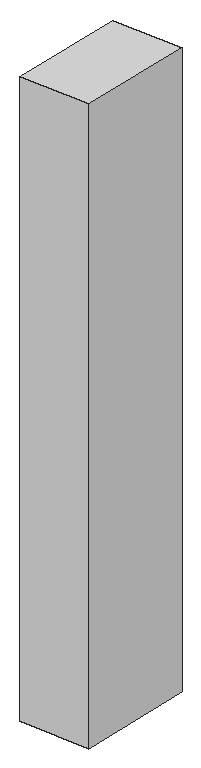
Revit family "Pilar_Con_Retang", category Structural Columns, Revit 2020
Family settings
  Display in Hidden Views = Edges Hidden by Other Members
  Section Shape = Not Defined
  Material for Model Behavior = Concrete
  Always export as geometry = No
  Beam cutback in plan = From bounding box
  OmniClass Number = 23.25.30.11.14.11
  OmniClass Title = Columns
  Cut with Voids When Loaded = No
  Symbolic Representation = From Family
  Shared = No
  Show family pre-cut in plan views = Yes
Parameters (values of type "PIL_030x050_ESC_CON_RET")
  b = 300 mm
  h = 500 mm
  Structural Material [instance] = CT_Asfaltos
Types (20, lengths in mm): name | b | h
  PIL_030x050_ESC_CON_RET | 300 | 500
  PIL_025x030_AUD_CON_RET | 250 | 300
  PIL_020x030_ESC_CON_RET | 200 | 300
  PIL_020x050_ESC_CON_RET | 200 | 500
  PIL_020x040_FUN_CON_RET | 200 | 400
  PIL_040x040_FUN_CON_RET | 400 | 400
  PIL_015x015_BLC_CON_RET | 150 | 150
  PIL_025x030_BLC_CON_RET | 250 | 300
  PIL_030x050_COI_CON_RET | 300 | 500
  PIL_095x095_BLC_CON_RET | 950 | 950
  PIL_030x070_BLC_CON_RET | 300 | 700
  PIL_030x100_BLC_CON_RET | 300 | 1000
  PIL_025x085_BLC_CON_RET | 250 | 850
  PIL_030x170_BLC_CON_RET | 300 | 1700
  PIL_020x071_NUC_CON_RET | 200 | 710
  PIL_025x092_NUC_CON_RET | 250 | 920
  PIL_060x140_BLC_CON_RET | 600 | 1400
  PIL_015x035_BRI_CON_RET | 350 | 150
  PIL_050x050_BLC_CON_RET | 500 | 500
  PIL_015x150_BRI_CON_RET | 1500 | 150
Reference planes
  plane 1 "Center (Front/Back)": y = 0
  plane 2: z = 0
  plane 3 "Center (Left/Right)": x = 0
  plane 4: x = -150
  plane 5: x = 150
  plane 6: y = 250
  plane 7: y = -250
Forms (mm)
  Extrusion 1, solid, material "CT_Asfaltos" <- "Structural Material"
    sketch origin (0, 0, 0) x (1, 0, 0) y (0, 1, 0)
      loop
        line (-150, 250) -> (-150, -250) -> (150, -250) -> (150, 250) -> (-150, 250)
    from 0 to 2500
Dimensions and locks
  equal spacing: plane 4, plane 3 "Center (Left/Right)", plane 5
  equal spacing: plane 7, plane 1 "Center (Front/Back)", plane 6
  "h": plane 7 to plane 6
  "b": plane 4 to plane 5
  aligned and locked: plane 6 to Extrusion 1 sketch curve
  aligned and locked: Extrusion 1 sketch curve to plane 7
  aligned and locked: Extrusion 1 sketch curve to plane 4
  aligned and locked: plane 5 to Extrusion 1 sketch curve
  aligned and locked: level to Extrusion 1
  aligned and locked: level to plane 2
  aligned and locked: Extrusion 1 to plane 2
